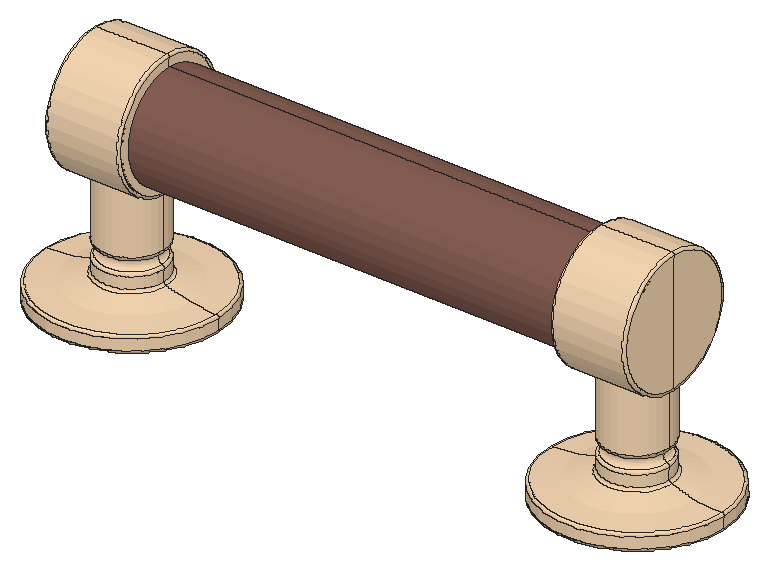
Revit family "Accessory-Drawer_Pull-KOHLER-Artifacts-K-29545-1", category Specialty Equipment, host Face, Revit 2021
Family settings
  Host = Face
  Round Connector Dimension = Use Diameter
  Part Type = Normal
  OmniClass Number = 23.21.19.17.13
  OmniClass Title = Casework Component Hardware
  Cut with Voids When Loaded = No
  Shared = No
  Room Calculation Point = No
Parameters (values of type "2MB-Vibrant Brushed Moderne Brass")
  Width = 5.37795"  # constant formula
  WaterSense Certified = 1 = 0  # no
  URL = "https://www.us.kohler.com/us/"
  Type = 1
  Product Page URL = "http://www.us.kohler.com/us/catalog/productDetails.jsp?productNumber=29545"
  Product Name = "Artifacts"  # constant formula
  Product Documentation Link = "https://www.us.kohler.com/webassets/kpna/catalog/pdf/en/K-29545_spec_US-CA_Kohler_en.pdf"
  Model = if(Type = 1, "K-29545-2MB", if(Type = 2, "K-29545-BL", if(Type = 3, "K-29545-BN", if(Type = 4, "K-29545-CP", "NA"))))  # "K-29545-2MB"
  Material = "Premium Metal Construction"  # constant formula
  Master Format 2014 Name = "Toilet, Bath, and Laundry Accessories"  # constant formula
  Master Format 2014 = "10 28 00"  # constant formula
  Manufacturer Address = "444 Highland Dr, Kohler, WI 53044"  # constant formula
  Manufacturer = "Kohler Co."  # constant formula
  Length = 1.83858"  # constant formula
  Height = 1.37795"  # constant formula
  Finish = Kohler-Metal-2MB-Vibrant_Brushed_Moderne_Brass
  Environmental Product Declaration = ""
  Description = "4 Inch Vanity Hardware"  # constant formula
  Default Elevation = 42"
  Declare Label = ""
  Date Modified = "12/15/2023"  # constant formula
  Date Created = "12/15/2023"  # constant formula
  Copyright = "Copyright Kohler Co."  # constant formula
  Contact Us = "https://www.us.kohler.com/us/static/contact.jsp"
  Assembly Code = "C1030200"
  ADA Compliant = 1 = 0  # no
Types (5): name | Type | Model | Finish
  (no name) | 1 | "K-29545-2MB" | Kohler-Metal-2MB-Vibrant_Brushed_Moderne_Brass
  2MB-Vibrant Brushed Moderne Brass | 1 | "K-29545-2MB" | Kohler-Metal-2MB-Vibrant_Brushed_Moderne_Brass
  BN-Vibrant Brushed Nickel | 3 | "K-29545-BN" | Kohler-Metal-BN-Vibrant_Brushed_Nickel
  CP-Polished Chrome | 4 | "K-29545-CP" | Kohler-Metal-CP-Polished_Chrome
  BL-Matte Black | 2 | "K-29545-BL" | Kohler-Metal-BL-Matte_Black
Reference planes (in)
  plane 1 "Center (Front/Back)": y = 0
  plane 2: z = 0
  plane 3 "Center (Left/Right)": x = 0
  plane 4: y = 0.68898
  plane 5: y = -0.68898
  plane 6: x = -2.68898
  plane 7: y = 0.40945
  plane 8: y = -0.40945
  plane 9: x = -2
  plane 10: x = -1.31102
  plane 11: x = 1.31102
  plane 12: x = 2
  plane 13: x = 2.68898
  plane 14: z = 1.83858
  plane 15: z = 1.34662
  plane 16: z = 0.93701
  plane 17: x = 2.2954
  plane 18: x = 1.70377
  plane 19: x = -1.70377
  plane 20: x = -2.2954
  plane 21: y = 0.25591
  plane 22: y = -0.25591
Dimensions and locks (in)
  "Width": plane 6 to plane 13
  "Height": plane 4 to plane 5
  "Length": level to plane 14
  plane 7 to plane 8 = 0.8189"
  plane 6 to plane 10 = 1.37795"
  plane 20 to plane 17 = 4.59079"
  plane 18 to plane 19 = 3.40754"
  plane 21 to plane 22 = 0.51181"
  plane 14 to plane 2 = 1.83858"
  plane 9 to plane 12 = 4"
  plane 6 to plane 13 = 5.37795"
  level to plane 16 = 0.93701"
  aligned and locked: plane 2 to host face
  aligned and locked: level to host face
  aligned and locked: plane 3 "Center (Left/Right)" to nested 1
  aligned and locked: plane 1 "Center (Front/Back)" to nested 1
  aligned and locked: plane 4 to nested 1
  aligned and locked: plane 7 to nested 1
  aligned and locked: plane 8 to nested 1
  aligned and locked: plane 5 to nested 1
  aligned and locked: plane 13 to nested 1
  aligned and locked: plane 14 to nested 1
  aligned and locked: plane 16 to nested 1
  aligned and locked: plane 17 to nested 1
  aligned and locked: plane 18 to nested 1
  aligned and locked: plane 20 to nested 1
  aligned and locked: plane 6 to nested 1
  aligned and locked: plane 10 to nested 1
Automatic sketch dimensions
  host sketch curve to host sketch curve = 96"  (x2)
Nested families (in)
  nested 1: "K-29545" at (0, 0, 0), type "K-29545"
Definition of nested family "K-29545"
  Parameters
    Material = none
    Default Elevation = 0"
  Reference planes (in)
    plane 1 "Center (Front/Back)": y = 0
    plane 2: z = 0
    plane 3 "Center (Left/Right)": x = 0
    plane 4: y = 0.40945
    plane 5: y = -0.40945
    plane 6: x = 2
    plane 7: x = -2
    plane 8: x = 2.68898
    plane 9: x = -2.68898
    plane 10: x = -1.31102
    plane 11: x = 1.31102
    plane 12: z = 0.93701
    plane 13: z = 1.83858
    plane 14: y = -0.68898
    plane 15: y = 0.68898
    plane 16: y = -0.25591
    plane 17: y = 0.25591
    plane 18: z = 1.34662
    plane 19: x = 2.2954
    plane 20: x = 1.70377
    plane 21: x = -2.2954
    plane 22: x = -1.70377
  Forms (in)
    Revolve 1, solid, material <- "Material", detail levels medium+fine
      sketch origin (0, 0, 0) x (1, 0, 0) y (0, 0, 1)
        loop
          line (2, 0) -> (2.66887, 0)
          arc (2.66887, 0) -> (2.68309, 0.00589) -> (2.68898, 0.0201) r 0.0201
          line (2.68898, 0.0201) -> (2.68898, 0.10688)
          arc (2.68898, 0.10688) -> (2.68327, 0.12074) -> (2.66945, 0.12657) r 0.01969
          arc (2.66945, 0.12657) -> (2.46899, 0.14366) -> (2.27351, 0.19127) r 1.30938
          arc (2.27351, 0.19127) -> (2.26068, 0.20061) -> (2.25578, 0.21571) r 0.02571
          line (2.25578, 0.21571) -> (2.25578, 0.30226)
          arc (2.25578, 0.30226) -> (2.25118, 0.31696) -> (2.239, 0.3264) r 0.02576
          arc (2.239, 0.3264) -> (2.20859, 0.37012) -> (2.23893, 0.4139) r 0.04669
          arc (2.23893, 0.4139) -> (2.2514, 0.4236) -> (2.25612, 0.43868) r 0.02645
          line (2.25612, 0.43868) -> (2.25612, 0.96518) -> (2, 0.96518) -> (2, 0)
        axis (2, 0) -> (2, 0.96518)
      angle from 0 to 360
    Revolve 2, solid, material <- "Material", detail levels medium+fine
      sketch origin (0, 0, 0) x (1, 0, 0) y (0, 0, 1)
        loop
          line (2.29546, 1.34662) -> (2.29546, 1.81762)
          arc (2.29546, 1.81762) -> (2.28932, 1.83244) -> (2.2745, 1.83858) r 0.02096
          line (2.2745, 1.83858) -> (1.7244, 1.83858)
          arc (1.7244, 1.83858) -> (1.71052, 1.83283) -> (1.70477, 1.81895) r 0.01963
          line (1.70477, 1.81895) -> (1.70477, 1.34662) -> (2.29546, 1.34662)
        loop
          line (-2.29546, 1.34662) -> (-1.70477, 1.34662) -> (-1.70477, 1.81895)
          arc (-1.70477, 1.81895) -> (-1.71052, 1.83283) -> (-1.7244, 1.83858) r 0.01963
          line (-1.7244, 1.83858) -> (-2.2745, 1.83858)
          arc (-2.2745, 1.83858) -> (-2.28932, 1.83244) -> (-2.29546, 1.81762) r 0.02096
          line (-2.29546, 1.81762) -> (-2.29546, 1.34662)
        axis (2.29546, 1.34662) -> (-2.29546, 1.34662)
      angle from 0 to 360
    Revolve 3, solid, material <- "Material", detail levels medium+fine
      sketch origin (0, 0, 0) x (-1, 0, 0) y (0, 0, -1)
        loop
          line (2, 0) -> (2, -0.96518) -> (2.25612, -0.96518) -> (2.25612, -0.43868)
          arc (2.25612, -0.43868) -> (2.2514, -0.4236) -> (2.23893, -0.4139) r 0.02645
          arc (2.23893, -0.4139) -> (2.20859, -0.37012) -> (2.239, -0.3264) r 0.04669
          arc (2.239, -0.3264) -> (2.25118, -0.31696) -> (2.25578, -0.30226) r 0.02576
          line (2.25578, -0.30226) -> (2.25578, -0.21571)
          arc (2.25578, -0.21571) -> (2.26068, -0.20061) -> (2.27351, -0.19127) r 0.02571
          arc (2.27351, -0.19127) -> (2.46899, -0.14366) -> (2.66945, -0.12657) r 1.30938
          arc (2.66945, -0.12657) -> (2.68327, -0.12074) -> (2.68898, -0.10688) r 0.01969
          line (2.68898, -0.10688) -> (2.68898, -0.0201)
          arc (2.68898, -0.0201) -> (2.68309, -0.00589) -> (2.66887, 0) r 0.0201
          line (2.66887, 0) -> (2, 0)
        axis (2, 0) -> (2, -0.96518)
      angle from 0 to 360
    Revolve 4, solid, detail levels medium+fine
      sketch origin (0, 0, 0) x (1, 0, 0) y (0, 0, 1)
        loop
          line (-1.75399, 1.75641) -> (-1.75399, 1.34662) -> (1.75399, 1.34662) -> (1.75399, 1.75641) -> (-1.75399, 1.75641)
        axis (-1.75399, 1.34662) -> (1.75399, 1.34662)
      angle from 0 to 360
    Extrusion 5, void
      sketch origin (0, 0, 0) x (1, 0, 0) y (0, 0, 1)
        loop
          line (-1.69514, 0.88329) -> (-1.69514, 1.02472)
          arc (-1.69514, 1.02472) -> (-1.69916, 1.04491) -> (-1.7106, 1.06202) r 0.05275
          line (-1.7106, 1.06202) -> (-1.73994, 1.09137) -> (-1.73994, 0.88329) -> (-1.69514, 0.88329)
      from -0.89404 to 0.74755
    Extrusion 6, void
      sketch origin (0, 0, 0) x (-1, 0, 0) y (0, 0, -1)
        loop
          line (-1.69514, -0.88329) -> (-1.73994, -0.88329) -> (-1.73994, -1.09137) -> (-1.7106, -1.06202)
          arc (-1.7106, -1.06202) -> (-1.69916, -1.04491) -> (-1.69514, -1.02472) r 0.05275
          line (-1.69514, -1.02472) -> (-1.69514, -0.88329)
      from -0.89404 to 0.74755
    Revolve 7, solid, material <- "Material", detail levels coarse
      sketch origin (0, 0, 0) x (1, 0, 0) y (0, 0, 1)
        loop
          line (2, 0) -> (2.68898, 0) -> (2.68898, 0.12655)
          arc (2.68898, 0.12655) -> (2.4694, 0.1436) -> (2.25578, 0.1972) r 1.30938
          line (2.25578, 0.1972) -> (2.25578, 0.32347)
          arc (2.25578, 0.32347) -> (2.20859, 0.37033) -> (2.25612, 0.41685) r 0.04669
          line (2.25612, 0.41685) -> (2.25612, 0.96518) -> (2, 0.96518) -> (2, 0)
        axis (2, 0) -> (2, 0.96518)
      angle from 0 to 360
    Revolve 8, solid, material <- "Material", detail levels coarse
      sketch origin (0, 0, 0) x (-1, 0, 0) y (0, 0, -1)
        loop
          line (2, 0) -> (2, -0.96518) -> (2.25612, -0.96518) -> (2.25612, -0.41685)
          arc (2.25612, -0.41685) -> (2.20859, -0.37033) -> (2.25578, -0.32347) r 0.04669
          line (2.25578, -0.32347) -> (2.25578, -0.1972)
          arc (2.25578, -0.1972) -> (2.4694, -0.1436) -> (2.68898, -0.12655) r 1.30938
          line (2.68898, -0.12655) -> (2.68898, 0) -> (2, 0)
        axis (2, 0) -> (2, -0.96518)
      angle from 0 to 360
    Revolve 9, solid, material <- "Material", detail levels coarse
      sketch origin (0, 0, 0) x (1, 0, 0) y (0, 0, 1)
        loop
          line (2.29546, 1.34662) -> (2.29546, 1.83858) -> (1.70477, 1.83858) -> (1.70477, 1.34662) -> (2.29546, 1.34662)
        loop
          line (-2.29546, 1.34662) -> (-1.70477, 1.34662) -> (-1.70477, 1.83858) -> (-2.29546, 1.83858) -> (-2.29546, 1.34662)
        axis (2.29546, 1.34662) -> (-2.29546, 1.34662)
      angle from 0 to 360
    Revolve 10, solid, detail levels coarse
      sketch origin (0, 0, 0) x (1, 0, 0) y (0, 0, 1)
        loop
          line (-1.75399, 1.75641) -> (-1.75399, 1.34662) -> (1.75399, 1.34662) -> (1.75399, 1.75641) -> (-1.75399, 1.75641)
        axis (-1.75399, 1.34662) -> (1.75399, 1.34662)
      angle from 0 to 360
  Cuts and joins
    Extrusion 5, Extrusion 6 cuts Revolve 4
  Lines and regions (in)
    Masking region 1
      outline origin (0, 0, 0) x (1, 0, 0) y (0, 1, 0)
        loop
          arc (-1.44589, 0.40945) -> (-1.60812, 0.56668) -> (-1.8125, 0.66297) r 0.68898
          arc (-1.8125, 0.66297) -> (-1.89978, 0.68244) -> (-1.98898, 0.68898) r 0.61185
          line (-1.98898, 0.68898) -> (-2.02048, 0.68898)
          arc (-2.02048, 0.68898) -> (-2.09247, 0.68406) -> (-2.16313, 0.66939) r 0.52918
          arc (-2.16313, 0.66939) -> (-2.42467, 0.54253) -> (-2.61062, 0.31911) r 0.68898
          arc (-2.61062, 0.31911) -> (-2.669, 0.18815) -> (-2.68898, 0.04618) r 0.51452
          line (-2.68898, 0.04618) -> (-2.68898, 0.01468)
          arc (-2.68898, 0.01468) -> (-2.67687, -0.12879) -> (-2.63529, -0.26664) r 0.69079
          arc (-2.63529, -0.26664) -> (-2.48617, -0.48819) -> (-2.26401, -0.63639) r 0.68898
          arc (-2.26401, -0.63639) -> (-2.13441, -0.6757) -> (-1.99963, -0.68898) r 0.69086
          line (-1.99963, -0.68898) -> (-1.96813, -0.68898)
          arc (-1.96813, -0.68898) -> (-1.86095, -0.67791) -> (-1.7583, -0.64519) r 0.52466
          arc (-1.7583, -0.64519) -> (-1.585, -0.54997) -> (-1.44589, -0.40945) r 0.68898
          line (-1.44589, -0.40945) -> (1.44589, -0.40945)
          arc (1.44589, -0.40945) -> (1.585, -0.54997) -> (1.7583, -0.64519) r 0.68898
          arc (1.7583, -0.64519) -> (1.86095, -0.67791) -> (1.96813, -0.68898) r 0.52466
          line (1.96813, -0.68898) -> (1.99963, -0.68898)
          arc (1.99963, -0.68898) -> (2.13441, -0.6757) -> (2.26401, -0.63639) r 0.69086
          arc (2.26401, -0.63639) -> (2.48617, -0.48819) -> (2.63529, -0.26664) r 0.68898
          arc (2.63529, -0.26664) -> (2.67687, -0.12879) -> (2.68898, 0.01468) r 0.69079
          line (2.68898, 0.01468) -> (2.68898, 0.04618)
          arc (2.68898, 0.04618) -> (2.669, 0.18815) -> (2.61062, 0.31911) r 0.51452
          arc (2.61062, 0.31911) -> (2.42467, 0.54253) -> (2.16313, 0.66939) r 0.68898
          arc (2.16313, 0.66939) -> (2.09247, 0.68406) -> (2.02048, 0.68898) r 0.52918
          line (2.02048, 0.68898) -> (1.98898, 0.68898)
          arc (1.98898, 0.68898) -> (1.89978, 0.68244) -> (1.8125, 0.66297) r 0.61185
          arc (1.8125, 0.66297) -> (1.60812, 0.56668) -> (1.44589, 0.40945) r 0.68898
          line (1.44589, 0.40945) -> (-1.44589, 0.40945)
    Masking region 2
      outline origin (0, 0, 0) x (1, 0, 0) y (0, 0, 1)
        loop
          arc (2.66718, 0) -> (2.68259, 0.00638) -> (2.68898, 0.02179) r 0.02179
          line (2.68898, 0.02179) -> (2.68898, 0.10206)
          arc (2.68898, 0.10206) -> (2.68207, 0.11896) -> (2.66531, 0.12618) r 0.02413
          arc (2.66531, 0.12618) -> (2.46705, 0.14441) -> (2.2735, 0.19105) r 1.37602
          arc (2.2735, 0.19105) -> (2.26074, 0.20024) -> (2.25587, 0.21519) r 0.02534
          line (2.25587, 0.21519) -> (2.25587, 0.30132)
          arc (2.25587, 0.30132) -> (2.25137, 0.31593) -> (2.23943, 0.32547) r 0.02595
          arc (2.23943, 0.32547) -> (2.20901, 0.36956) -> (2.23836, 0.41438) r 0.04802
          arc (2.23836, 0.41438) -> (2.25119, 0.42503) -> (2.25601, 0.44099) r 0.02888
          line (2.25601, 0.44099) -> (2.25601, 0.83471)
          arc (2.25601, 0.83471) -> (2.2618, 0.84874) -> (2.2758, 0.85459) r 0.01989
          arc (2.2758, 0.85459) -> (2.28966, 0.86039) -> (2.2954, 0.87428) r 0.01969
          line (2.2954, 0.87428) -> (2.2954, 1.81519)
          arc (2.2954, 1.81519) -> (2.28855, 1.83173) -> (2.27201, 1.83858) r 0.02339
          line (2.27201, 1.83858) -> (1.72491, 1.83858)
          arc (1.72491, 1.83858) -> (1.70996, 1.83239) -> (1.70377, 1.81744) r 0.02114
          line (1.70377, 1.81744) -> (1.70377, 1.75628) -> (-1.70377, 1.75628) -> (-1.70377, 1.81744)
          arc (-1.70377, 1.81744) -> (-1.70996, 1.83239) -> (-1.72491, 1.83858) r 0.02114
          line (-1.72491, 1.83858) -> (-2.2954, 1.83858) -> (-2.2954, 0.87428)
          arc (-2.2954, 0.87428) -> (-2.28966, 0.86039) -> (-2.2758, 0.85459) r 0.01969
          arc (-2.2758, 0.85459) -> (-2.2618, 0.84874) -> (-2.25601, 0.83471) r 0.01989
          line (-2.25601, 0.83471) -> (-2.25601, 0.44099)
          arc (-2.25601, 0.44099) -> (-2.25119, 0.42503) -> (-2.23836, 0.41438) r 0.02888
          arc (-2.23836, 0.41438) -> (-2.20901, 0.36956) -> (-2.23943, 0.32547) r 0.04802
          arc (-2.23943, 0.32547) -> (-2.25137, 0.31593) -> (-2.25587, 0.30132) r 0.02595
          line (-2.25587, 0.30132) -> (-2.25587, 0.21519)
          arc (-2.25587, 0.21519) -> (-2.26074, 0.20024) -> (-2.2735, 0.19105) r 0.02534
          arc (-2.2735, 0.19105) -> (-2.46705, 0.14441) -> (-2.66531, 0.12618) r 1.37602
          arc (-2.66531, 0.12618) -> (-2.68207, 0.11896) -> (-2.68898, 0.10206) r 0.02413
          line (-2.68898, 0.10206) -> (-2.68898, 0.02179)
          arc (-2.68898, 0.02179) -> (-2.68259, 0.00638) -> (-2.66718, 0) r 0.02179
          line (-2.66718, 0) -> (-1.33282, 0)
          arc (-1.33282, 0) -> (-1.31741, 0.00638) -> (-1.31102, 0.02179) r 0.02179
          line (-1.31102, 0.02179) -> (-1.31102, 0.10206)
          arc (-1.31102, 0.10206) -> (-1.31793, 0.11896) -> (-1.33469, 0.12618) r 0.02413
          arc (-1.33469, 0.12618) -> (-1.53245, 0.14433) -> (-1.72554, 0.19075) r 1.37602
          arc (-1.72554, 0.19075) -> (-1.73899, 0.20042) -> (-1.74413, 0.21617) r 0.02668
          line (-1.74413, 0.21617) -> (-1.74413, 0.30132)
          arc (-1.74413, 0.30132) -> (-1.74863, 0.31593) -> (-1.76057, 0.32547) r 0.02595
          arc (-1.76057, 0.32547) -> (-1.79099, 0.3697) -> (-1.7614, 0.41449) r 0.04802
          arc (-1.7614, 0.41449) -> (-1.74874, 0.42489) -> (-1.74399, 0.44057) r 0.02825
          line (-1.74399, 0.44057) -> (-1.74316, 0.83471)
          arc (-1.74316, 0.83471) -> (-1.73737, 0.84874) -> (-1.72336, 0.85459) r 0.01989
          arc (-1.72336, 0.85459) -> (-1.7095, 0.86039) -> (-1.70377, 0.87428) r 0.01969
          line (-1.70377, 0.87428) -> (-1.70377, 1.05756) -> (-1.69572, 1.01677) -> (-1.69572, 0.95669)
          arc (-1.69572, 0.95669) -> (-1.68995, 0.94277) -> (-1.67603, 0.93701) r 0.01969
          line (-1.67603, 0.93701) -> (1.67603, 0.93701)
          arc (1.67603, 0.93701) -> (1.68995, 0.94277) -> (1.69572, 0.95669) r 0.01969
          line (1.69572, 0.95669) -> (1.69572, 1.01677) -> (1.7046, 1.06178) -> (1.7046, 0.87428)
          arc (1.7046, 0.87428) -> (1.71034, 0.86039) -> (1.7242, 0.85459) r 0.01969
          arc (1.7242, 0.85459) -> (1.7382, 0.84874) -> (1.74399, 0.83471) r 0.01989
          line (1.74399, 0.83471) -> (1.74399, 0.44057)
          arc (1.74399, 0.44057) -> (1.74874, 0.42489) -> (1.7614, 0.41449) r 0.02825
          arc (1.7614, 0.41449) -> (1.79099, 0.3697) -> (1.76057, 0.32547) r 0.04802
          arc (1.76057, 0.32547) -> (1.74863, 0.31593) -> (1.74413, 0.30132) r 0.02595
          line (1.74413, 0.30132) -> (1.74413, 0.21617)
          arc (1.74413, 0.21617) -> (1.73899, 0.20042) -> (1.72554, 0.19075) r 0.02668
          arc (1.72554, 0.19075) -> (1.53245, 0.14433) -> (1.33469, 0.12618) r 1.37602
          arc (1.33469, 0.12618) -> (1.31793, 0.11896) -> (1.31102, 0.10206) r 0.02413
          line (1.31102, 0.10206) -> (1.31102, 0.02179)
          arc (1.31102, 0.02179) -> (1.31741, 0.00638) -> (1.33282, 0) r 0.02179
          line (1.33282, 0) -> (2.66718, 0)
    Masking region 3
      outline origin (0, 0, 0) x (0, 1, 0) y (0, 0, 1)
        loop
          arc (0.6693, 0) -> (0.68321, 0.00576) -> (0.68898, 0.01968) r 0.01968
          line (0.68898, 0.01968) -> (0.68898, 0.10762)
          arc (0.68898, 0.10762) -> (0.68303, 0.12224) -> (0.66856, 0.12856) r 0.02094
          arc (0.66856, 0.12856) -> (0.47027, 0.14654) -> (0.27603, 0.19027) r 1.52142
          arc (0.27603, 0.19027) -> (0.26149, 0.20039) -> (0.25591, 0.2172) r 0.02807
          line (0.25591, 0.2172) -> (0.25591, 0.30129)
          arc (0.25591, 0.30129) -> (0.25124, 0.31631) -> (0.23889, 0.32604) r 0.0265
          arc (0.23889, 0.32604) -> (0.20847, 0.37043) -> (0.23917, 0.41463) r 0.04739
          arc (0.23917, 0.41463) -> (0.25131, 0.42411) -> (0.25591, 0.43881) r 0.02584
          line (0.25591, 0.43881) -> (0.25591, 0.90673)
          arc (0.25591, 0.90673) -> (0.26017, 0.92371) -> (0.27196, 0.93665) r 0.0359
          arc (0.27196, 0.93665) -> (0.48262, 1.44208) -> (0.0954, 1.82924) r 0.49197
          arc (0.0954, 1.82924) -> (0.05585, 1.83624) -> (0.01575, 1.83858) r 0.34436
          line (0.01575, 1.83858) -> (-0.01575, 1.83858)
          arc (-0.01575, 1.83858) -> (-0.07528, 1.83395) -> (-0.13338, 1.82016) r 0.3847
          arc (-0.13338, 1.82016) -> (-0.48602, 1.42285) -> (-0.27196, 0.93665) r 0.49197
          arc (-0.27196, 0.93665) -> (-0.26017, 0.92371) -> (-0.25591, 0.90673) r 0.0359
          line (-0.25591, 0.90673) -> (-0.25591, 0.43881)
          arc (-0.25591, 0.43881) -> (-0.25131, 0.42411) -> (-0.23917, 0.41463) r 0.02584
          arc (-0.23917, 0.41463) -> (-0.20847, 0.37043) -> (-0.23889, 0.32604) r 0.04739
          arc (-0.23889, 0.32604) -> (-0.25124, 0.31631) -> (-0.25591, 0.30129) r 0.0265
          line (-0.25591, 0.30129) -> (-0.25591, 0.2172)
          arc (-0.25591, 0.2172) -> (-0.26149, 0.20039) -> (-0.27603, 0.19027) r 0.02807
          arc (-0.27603, 0.19027) -> (-0.47027, 0.14654) -> (-0.66856, 0.12856) r 1.52142
          arc (-0.66856, 0.12856) -> (-0.68303, 0.12224) -> (-0.68898, 0.10762) r 0.02094
          line (-0.68898, 0.10762) -> (-0.68898, 0.02024)
          arc (-0.68898, 0.02024) -> (-0.68305, 0.00593) -> (-0.66873, 0) r 0.02024
          line (-0.66873, 0) -> (0.6693, 0)
    symbolic lines, detail levels medium+fine
      curve 1: arc (-1.46585, 0.40945, 0) -> (-2.67303, 0, 0) -> (-1.46585, -0.40945, 0) r 0.67303
      curve 2: line (-2.28108, 0.49234, 0) -> (-1.71968, 0.49234, 0)
      curve 3: line (-2.29545, 0.47797, 0) -> (-2.29545, -0.47797, 0)
      curve 4: arc (-2.29545, 0.47797, 0) -> (-2.29124, 0.48813, 0) -> (-2.28108, 0.49234, 0) r 0.01437
      curve 5: line (-1.70449, 0.47714, 0) -> (-1.70449, -0.47714, 0)
      curve 6: arc (-1.71968, 0.49234, 0) -> (-1.70894, 0.48789, 0) -> (-1.70449, 0.47714, 0) r 0.01519
      curve 7: line (-2.28108, -0.49234, 0) -> (-1.71968, -0.49234, 0)
      curve 8: arc (-2.29545, -0.47797, 0) -> (-2.29124, -0.48813, 0) -> (-2.28108, -0.49234, 0) r 0.01437
      curve 9: arc (-1.71968, -0.49234, 0) -> (-1.70894, -0.48789, 0) -> (-1.70449, -0.47714, 0) r 0.01519
      curve 10: line (-2.28108, 0.49234, 0) -> (-2.28108, -0.49234, 0)
      curve 11: line (-1.71968, 0.49234, 0) -> (-1.71968, -0.49234, 0)
      curve 12: line (-1.44589, 0.40945, 0) -> (-1.70449, 0.40945, 0)
      curve 13: line (-1.44589, -0.40945, 0) -> (-1.70449, -0.40945, 0)
      curve 14: arc (1.46585, 0.40945, 0) -> (2.67303, 0, 0) -> (1.46585, -0.40945, 0) r 0.67303
      curve 15: line (2.28101, 0.49234, 0) -> (1.71887, 0.49234, 0)
      curve 16: line (2.29545, 0.4779, 0) -> (2.29545, -0.47797, 0)
      curve 17: line (1.70449, 0.47796, 0) -> (1.70449, -0.47601, 0)
      curve 18: line (2.28108, -0.49234, 0) -> (1.72082, -0.49234, 0)
      curve 19: arc (2.29545, -0.47797, 0) -> (2.29124, -0.48813, 0) -> (2.28108, -0.49234, 0) r 0.01437
      curve 20: line (2.28108, 0.49234, 0) -> (2.28108, -0.49234, 0)
      curve 21: line (1.71968, 0.49234, 0) -> (1.71968, -0.49234, 0)
      curve 22: line (1.44589, 0.40945, 0) -> (1.70449, 0.40945, 0)
      curve 23: line (1.44589, -0.40945, 0) -> (1.70449, -0.40945, 0)
      curve 24: arc (2.29545, 0.4779, 0) -> (2.29122, 0.48811, 0) -> (2.28101, 0.49234, 0) r 0.01444
      curve 25: arc (1.70449, -0.47601, 0) -> (1.70927, -0.48755, 0) -> (1.72082, -0.49234, 0) r 0.01633
      curve 26: arc (1.71887, 0.49234, 0) -> (1.7087, 0.48813, 0) -> (1.70449, 0.47796, 0) r 0.01438
      curve 27: line (1.70377, 0, 1.75628) -> (1.70377, 0, 1.05756)
      curve 28: arc (2.14806, 0, 0.9058) -> (2.00075, 0, 0.93025) -> (1.85344, 0, 0.9058) r 0.45594
      curve 29: arc (2.137, 0, 0.89474) -> (2.00075, 0, 0.91801) -> (1.8645, 0, 0.89474) r 0.41041
      curve 30: arc (2.2758, 0, 0.85459) -> (2.2126, 0, 0.88186) -> (2.14806, 0, 0.9058) r 1.31787
      curve 31: arc (2.25601, 0, 0.83471) -> (2.19844, 0, 0.86856) -> (2.137, 0, 0.89474) r 0.51899
      curve 32: arc (1.85344, 0, 0.9058) -> (1.7882, 0, 0.88175) -> (1.7242, 0, 0.85459) r 1.44207
      curve 33: arc (1.8645, 0, 0.89474) -> (1.80239, 0, 0.86846) -> (1.74399, 0, 0.83471) r 0.54538
      curve 34: line (2.27201, 0, 1.83858) -> (2.2758, 0, 0.85459)
      curve 35: line (1.7242, 0, 0.85459) -> (1.72491, 0, 1.83858)
      curve 36: line (2.25601, 0, 0.44099) -> (1.74399, 0, 0.44057)
      curve 37: line (2.23836, 0, 0.41438) -> (1.76164, 0, 0.41438)
      curve 38: line (1.76057, 0, 0.32547) -> (2.23943, 0, 0.32547)
      curve 39: line (2.25587, 0, 0.30132) -> (1.74413, 0, 0.30132)
      curve 40: line (2.25587, 0, 0.21519) -> (1.74413, 0, 0.21617)
      curve 41: line (1.72554, 0, 0.19075) -> (2.2735, 0, 0.19105)
      curve 42: line (2.66531, 0, 0.12618) -> (1.33469, 0, 0.12618)
      curve 43: line (1.31102, 0, 0.10206) -> (2.68898, 0, 0.10206)
      curve 44: line (2.68898, 0, 0.02179) -> (1.31102, 0, 0.02179)
      curve 45: line (-1.70377, 0, 1.75628) -> (-1.70377, 0, 1.05756)
      curve 46: arc (-2.14806, 0, 0.9058) -> (-2.00075, 0, 0.93025) -> (-1.85344, 0, 0.9058) r 0.45594
      curve 47: arc (-2.137, 0, 0.89474) -> (-2.00075, 0, 0.91801) -> (-1.8645, 0, 0.89474) r 0.41041
      curve 48: arc (-2.2758, 0, 0.85459) -> (-2.2126, 0, 0.88186) -> (-2.14806, 0, 0.9058) r 1.31787
      curve 49: arc (-2.25601, 0, 0.83471) -> (-2.19844, 0, 0.86856) -> (-2.137, 0, 0.89474) r 0.51899
      curve 50: arc (-1.85344, 0, 0.9058) -> (-1.7882, 0, 0.88175) -> (-1.7242, 0, 0.85459) r 1.44207
      curve 51: arc (-1.8645, 0, 0.89474) -> (-1.80239, 0, 0.86846) -> (-1.74399, 0, 0.83471) r 0.54538
      curve 52: line (-2.27201, 0, 1.83858) -> (-2.2758, 0, 0.85459)
      curve 53: line (-1.7242, 0, 0.85459) -> (-1.72491, 0, 1.83858)
      curve 54: line (-2.25601, 0, 0.44099) -> (-1.74399, 0, 0.44057)
      curve 55: line (-2.23836, 0, 0.41438) -> (-1.76164, 0, 0.41438)
      curve 56: line (-1.76057, 0, 0.32547) -> (-2.23943, 0, 0.32547)
      curve 57: line (-2.25587, 0, 0.30132) -> (-1.74413, 0, 0.30132)
      curve 58: line (-2.25587, 0, 0.21519) -> (-1.74413, 0, 0.21617)
      curve 59: line (-1.72554, 0, 0.19075) -> (-2.2735, 0, 0.19105)
      curve 60: line (-2.66531, 0, 0.12618) -> (-1.33469, 0, 0.12618)
      curve 61: line (-1.31102, 0, 0.10206) -> (-2.68898, 0, 0.10206)
      curve 62: line (-2.68898, 0, 0.02179) -> (-1.31102, 0, 0.02179)
      curve 63: line (0, 0.68898, 0.10762) -> (0, -0.68898, 0.10762)
      curve 64: line (0, -0.66856, 0.12856) -> (0, 0.66856, 0.12856)
      curve 65: line (0, 0.27603, 0.19027) -> (0, -0.27603, 0.19027)
      curve 66: line (0, -0.25591, 0.2172) -> (0, 0.25591, 0.2172)
      curve 67: line (0, 0.25591, 0.30129) -> (0, -0.25591, 0.30129)
      curve 68: line (0, -0.23889, 0.32604) -> (0, 0.23889, 0.32604)
      curve 69: line (0, 0.25591, 0.43881) -> (0, -0.25591, 0.43881)
      curve 70: line (0, -0.23917, 0.41463) -> (0, 0.23917, 0.41463)
      curve 71: arc (0, -0.27196, 0.93665) -> (0, 0, 0.85465) -> (0, 0.27196, 0.93665) r 0.49197
      curve 72: circle (0, 0, 1.34662) r 0.47854 normal (1, 0, 0)
      curve 73: arc (0, 0.25591, 0.90673) -> (0, 0, 0.8356) -> (0, -0.25591, 0.90673) r 0.49588
      curve 74: line (0, 0.68898, 0.01968) -> (0, -0.68898, 0.02024)
  Dimensions and locks (in)
    plane 9 to plane 8 = 5.37795"
    plane 7 to plane 6 = 4"
    plane 5 to plane 4 = 0.8189"
    plane 9 to plane 10 = 1.37795"
    plane 15 to plane 14 = 1.37795"
    plane 17 to plane 16 = 0.51181"
    aligned and locked: plane 2 to level
    aligned and locked: Masking region 1 sketch curve to plane 9
    aligned and locked: Masking region 3 sketch curve to plane 15
